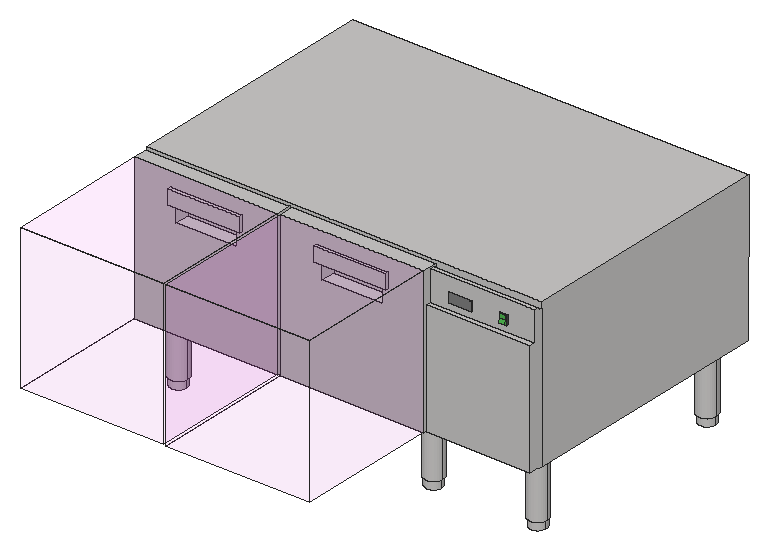
Revit family "QF_ELECTROLUXPROFESSIONAL_391603_E9TTAPCOMIN", category Specialty Equipment, Revit 2023 (continued)
Automatic sketch dimensions
  Split face 157 sketch curve to Split face 157 sketch curve = 0.02 mm  (x2)
  Split face 157 sketch curve to Split face 157 sketch curve = 31.959 mm
  Split face 157 sketch curve to Extrusion 4 = 148.203 mm
  Split face 157 sketch curve to Split face 157 sketch curve = 4 mm
  Split face 158 sketch curve to Extrusion 4 = 110.502 mm
  Split face 158 sketch curve to Split face 158 sketch curve = 0.02 mm  (x2)
  Split face 158 sketch curve to Split face 158 sketch curve = 31.959 mm
  Split face 158 sketch curve to Extrusion 4 = 140.797 mm
  Split face 158 sketch curve to Split face 158 sketch curve = 4 mm
  Split face 159 sketch curve to Extrusion 4 = 110.502 mm
  Split face 159 sketch curve to Split face 159 sketch curve = 0.02 mm  (x2)
  Split face 159 sketch curve to Split face 159 sketch curve = 31.959 mm
  Split face 159 sketch curve to Extrusion 4 = 152.797 mm
  Split face 159 sketch curve to Split face 159 sketch curve = 4 mm
  Split face 160 sketch curve to Extrusion 4 = 110.502 mm
  Split face 160 sketch curve to Split face 160 sketch curve = 0.02 mm  (x2)
  Split face 160 sketch curve to Split face 160 sketch curve = 31.959 mm
  Split face 160 sketch curve to Extrusion 4 = 148.203 mm
  Split face 160 sketch curve to Split face 160 sketch curve = 4 mm
  Split face 161 sketch curve to Extrusion 4 = 155.502 mm
  Split face 161 sketch curve to Split face 161 sketch curve = 0.02 mm  (x2)
  Split face 161 sketch curve to Split face 161 sketch curve = 31.959 mm
  Split face 161 sketch curve to Extrusion 4 = 140.797 mm
  Split face 161 sketch curve to Split face 161 sketch curve = 4 mm
  Split face 162 sketch curve to Extrusion 4 = 155.502 mm
  Split face 162 sketch curve to Split face 162 sketch curve = 0.02 mm  (x2)
  Split face 162 sketch curve to Split face 162 sketch curve = 31.959 mm
  Split face 162 sketch curve to Extrusion 4 = 152.797 mm
  Split face 162 sketch curve to Split face 162 sketch curve = 4 mm
  Split face 163 sketch curve to Extrusion 4 = 155.502 mm
  Split face 163 sketch curve to Split face 163 sketch curve = 0.02 mm  (x2)
  Split face 163 sketch curve to Split face 163 sketch curve = 31.959 mm
  Split face 163 sketch curve to Extrusion 4 = 148.203 mm
  Split face 163 sketch curve to Split face 163 sketch curve = 4 mm
  Split face 164 sketch curve to Extrusion 4 = 144.498 mm
  Split face 164 sketch curve to Split face 164 sketch curve = 0.02 mm  (x2)
  Split face 164 sketch curve to Split face 164 sketch curve = 31.959 mm
  Split face 164 sketch curve to Extrusion 4 = 140.797 mm
  Split face 164 sketch curve to Split face 164 sketch curve = 4 mm
  Split face 165 sketch curve to Extrusion 4 = 144.498 mm
  Split face 165 sketch curve to Split face 165 sketch curve = 0.02 mm  (x2)
  Split face 165 sketch curve to Split face 165 sketch curve = 31.959 mm
  Split face 165 sketch curve to Extrusion 4 = 152.797 mm
  Split face 165 sketch curve to Split face 165 sketch curve = 4 mm
  Split face 166 sketch curve to Extrusion 4 = 144.498 mm
  Split face 166 sketch curve to Split face 166 sketch curve = 0.02 mm  (x2)
  Split face 166 sketch curve to Split face 166 sketch curve = 31.959 mm
  Split face 166 sketch curve to Extrusion 4 = 148.203 mm
  Split face 166 sketch curve to Split face 166 sketch curve = 4 mm
  Split face 167 sketch curve to Extrusion 4 = 99.499 mm
  Split face 167 sketch curve to Split face 167 sketch curve = 0.02 mm  (x2)
  Split face 167 sketch curve to Split face 167 sketch curve = 31.959 mm
  Split face 167 sketch curve to Extrusion 4 = 140.797 mm
  Split face 167 sketch curve to Split face 167 sketch curve = 4 mm
  Split face 168 sketch curve to Extrusion 4 = 99.499 mm
  Split face 168 sketch curve to Split face 168 sketch curve = 0.02 mm  (x2)
  Split face 168 sketch curve to Split face 168 sketch curve = 31.959 mm
  Split face 168 sketch curve to Extrusion 4 = 152.797 mm
  Split face 168 sketch curve to Split face 168 sketch curve = 4 mm
  Split face 169 sketch curve to Extrusion 4 = 99.499 mm
  Split face 169 sketch curve to Split face 169 sketch curve = 0.02 mm  (x2)
  Split face 169 sketch curve to Split face 169 sketch curve = 31.959 mm
  Split face 169 sketch curve to Extrusion 4 = 148.203 mm
  Split face 169 sketch curve to Split face 169 sketch curve = 4 mm
  Split face 170 sketch curve to Extrusion 4 = 54.499 mm
  Split face 170 sketch curve to Split face 170 sketch curve = 0.02 mm  (x2)
  Split face 170 sketch curve to Extrusion 4 = 22.519 mm
  Split face 170 sketch curve to Extrusion 4 = 140.797 mm
  Split face 170 sketch curve to Split face 170 sketch curve = 4 mm
  Split face 171 sketch curve to Extrusion 4 = 54.499 mm
  Split face 171 sketch curve to Split face 171 sketch curve = 0.02 mm  (x2)
  Split face 171 sketch curve to Extrusion 4 = 22.519 mm
  Split face 171 sketch curve to Extrusion 4 = 152.797 mm
  Split face 171 sketch curve to Split face 171 sketch curve = 4 mm
  Split face 172 sketch curve to Extrusion 4 = 54.499 mm
  Split face 172 sketch curve to Split face 172 sketch curve = 0.02 mm  (x2)
  Split face 172 sketch curve to Extrusion 4 = 22.519 mm
  Split face 172 sketch curve to Extrusion 4 = 148.203 mm
  Split face 172 sketch curve to Split face 172 sketch curve = 4 mm
  Extrusion 9 sketch curve to Extrusion 2 = 15 mm  (x2)
  Extrusion 2 to Extrusion 9 sketch curve = 31.031 mm
  Extrusion 9 sketch curve to Extrusion 2 = 13.969 mm
  plane 4 to Extrusion 10 sketch curve = 1.587 mm
  Extrusion 10 sketch curve to plane 17 = 8.498 mm
  Extrusion 10 sketch curve to plane 14 = 75.198 mm
  Extrusion 10 sketch curve to plane 3 "Centro (Sinistra/Destra)" = 32.799 mm
  Extrusion 10 sketch curve to plane 3 "Centro (Sinistra/Destra)" = 156.499 mm
  Extrusion 10 sketch curve to plane 5 "TOP" = 143.294 mm
  Extrusion 10 sketch curve to plane 5 "TOP" = 65 mm
  Extrusion 10 sketch curve to plane 5 "TOP" = 9.006 mm
  Extrusion 11 sketch curve to Extrusion 10 = 15 mm  (x2)
  Extrusion 10 to Extrusion 11 sketch curve = 31.031 mm
  Extrusion 11 sketch curve to Extrusion 10 = 13.969 mm
  Extrusion 1 sketch curve to plane 18 = 0 mm
  Extrusion 1 sketch curve to plane 9 "RIGHT" = 1 mm
  Extrusion 12 sketch curve to plane 20 = 30 mm
  Extrusion 12 sketch curve to plane 21 = 0 mm
  Extrusion 1 sketch curve to plane 6 "BACK" = 70 mm
  curve 1 to plane 18 = 0 mm
  curve 15 to plane 18 = 0 mm
  curve 5 to plane 11 = 0 mm
  curve 3 to plane 19 = 0 mm
  curve 17 to plane 10 = 0 mm
  curve 2 to plane 22 = 0 mm
  curve 13 to plane 3 "Centro (Sinistra/Destra)" = 164.999 mm
  curve 9 to curve 10 = 8.5 mm
  curve 12 to plane 17 = 8.498 mm
  curve 10 to plane 7 "FRONT" = 123 mm
  curve 9 to plane 7 "FRONT" = 123 mm
  curve 13 to curve 9 = 40 mm
  curve 16 to curve 10 = 40 mm
  curve 2 to curve 5 = 20 mm
  curve 6 to curve 9 = 20 mm
  curve 10 to curve 7 = 20 mm
  curve 8 to curve 10 = 20 mm
  radius of Split face 2 sketch curve = 1.2 mm
  radius of Split face 3 sketch curve = 1.2 mm
  radius of Split face 4 sketch curve = 1.2 mm
  radius of Split face 5 sketch curve = 1.2 mm
  radius of Split face 6 sketch curve = 1.2 mm
  radius of Split face 7 sketch curve = 1.2 mm
  radius of Extrusion 12 sketch curve = 6 mm
Nested families
  nested 1: "Foot H200" at (-545, -350, 0), type "Foot H200"
  nested 2: "Foot H200" at (-545, 292, 0), type "Foot H200"
  nested 3: "Foot H200" at (229, -350, 0) x (-1, 0, 0) z (0, 0, 1), type "Foot H200"
  nested 4: "Foot H200" at (229, 292, 0) x (-1, 0, 0) z (0, 0, 1), type "Foot H200"
  nested 5: "Foot H200" at (545, -350, 0) x (-1, 0, 0) z (0, 0, 1), type "Foot H200"
  nested 6: "Foot H200" at (545, 292, 0) x (-1, 0, 0) z (0, 0, 1), type "Foot H200"
  nested 7: "01_Refrigerator" at (350, -250, 0), type "01_Refrigerator"
Connectors
  electrical at (560, 260, 189.987)
    settings: on Extrusion 12, index 1, voltage 0 V, apparent load 0 VA, apparent load phase1 0 VA, apparent load phase2 0 VA, apparent load phase3 0 VA, power factor 1, load classification "Altro", number of poles 1, system type 30, power factor state 1, is connector primary yes, connector utility no, sub classification motor no, connector description "Electrical"
Definition of nested family "Foot H200"
  Parameters (values of type "Foot H200")
    Default Elevation = 0 mm
  Reference planes
    plane 1 "Centro (Fronte/Retro)": y = 0
    plane 2: z = 0
    plane 3 "Centro (Sinistra/Destra)": x = 0
    plane 4: z = 200
  Forms (mm)
    Revolve 1, solid
      sketch origin (255.05, 0, 608.09) x (0, 0, 1) y (-1, 0, 0)
        loop
          line (-608.09, 255.05) -> (-608.09, 230.05) -> (-583.09, 230.05) -> (-583.09, 226.05) -> (-408.09, 226.05) -> (-408.09, 255.05) -> (-608.09, 255.05)
        axis (-608.09, 255.05) -> (-408.09, 255.05)
      angle from 0 to 360
  Dimensions and locks
    Revolve 1 sketch curve to Revolve 1 sketch curve = 175 mm
    plane 4 to level = 200 mm
    aligned and locked: level to plane 2
    aligned and locked: plane 4 to Revolve 1 sketch curve
    aligned and locked: Revolve 1 sketch curve to level
    aligned and locked: plane 3 "Centro (Sinistra/Destra)" to Revolve 1 sketch curve
Definition of nested family "01_Refrigerator"
  Reference planes
    plane 1 "Center (Front/Back)": y = 0
    plane 2: z = 0
    plane 3 "Center (Left/Right)": x = 0
  Lines and regions (mm)
    detail lines, in view "Ref. Level"
      curve 1: line (0, -60, 0) -> (0, 60, 0)
      curve 2: line (-51.962, 30, 0) -> (51.962, -30, 0)
      curve 3: line (-51.962, -30, 0) -> (51.962, 30, 0)
      curve 4: line (19.116, 56.873, 0) -> (0, 35, 0)
      curve 5: line (0, 35, 0) -> (-19.116, 56.873, 0)
      curve 6: line (-30.311, 17.5, 0) -> (-40, 45.883, 0)
      curve 7: line (-59.736, 11.7, 0) -> (-30.311, 17.5, 0)
      curve 8: line (-30.311, -17.5, 0) -> (-59.736, -11.7, 0)
      curve 9: line (-40, -45.883, 0) -> (-30.311, -17.5, 0)
      curve 10: line (0, -35, 0) -> (-19.116, -56.873, 0)
      curve 11: line (19.116, -56.873, 0) -> (0, -35, 0)
      curve 12: line (30.311, -17.5, 0) -> (39.696, -44.992, 0)
      curve 13: line (58.812, -11.882, 0) -> (30.311, -17.5, 0)
      curve 14: line (30.311, 17.5, 0) -> (58.812, 11.882, 0)
      curve 15: line (39.696, 44.992, 0) -> (30.311, 17.5, 0)
      curve 16: spline (-200, 0, 0) -> (-193.185, -23.294, 0) -> (-173.205, -45, 0) -> (-141.421, -63.64, 0) -> (-100, -77.942, 0) -> (-51.764, -86.933, 0) -> (0, -90, 0) -> (51.764, -86.933, 0) -> (100, -77.942, 0) -> (141.421, -63.64, 0) -> (173.205, -45, 0) -> (193.185, -23.294, 0) -> (200, 0, 0) -> (193.185, 23.294, 0) -> (173.205, 45, 0) -> (141.421, 63.64, 0) -> (100, 77.942, 0) -> (51.764, 86.933, 0) -> (0, 90, 0) -> (-51.764, 86.933, 0) -> (-100, 77.942, 0) -> (-141.421, 63.64, 0) -> (-173.205, 45, 0) -> (-193.185, 23.294, 0) -> (-200, 0, 0)
